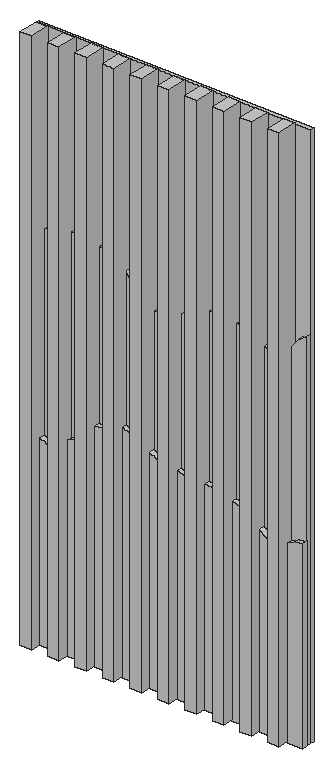
Revit family "MIRAGE_RFA", category Modelos genéricos, Revit 2022 (continued)
Forms (in)
  Extrusion 237, solid, not visible
    sketch origin (-0.00149, 0.00149, -1.20924) x (0, 1, 0) y (0, 0, -1)
      loop
        line (0.96881, 1.14538) -> (0.96881, -1.85462) -> (0.65631, -1.85462) -> (0.65631, -2.35462) -> (0.96881, -2.35462) -> (3.48948, -2.35462) -> (3.48948, -0.60462) -> (4.19814, -0.60462) -> (4.19814, -2.35462) -> (9.23948, -2.35462) -> (9.23948, -0.60462) -> (9.94814, -0.60462) -> (9.94814, -2.35462) -> (14.98948, -2.35462) -> (14.98948, -0.60462) -> (15.69814, -0.60462) -> (15.69814, -2.35462) -> (20.73948, -2.35462) -> (20.73948, -0.60462) -> (21.44814, -0.60462) -> (21.44814, -2.35462) -> (24.28131, -2.35462) -> (24.28131, -1.85462) -> (23.96881, -1.85462) -> (23.96881, 1.14538) -> (0.96881, 1.14538)
    from -4.19963 to -4.08152
  Extrusion 238, solid, not visible
    sketch origin (0, 0, 0) x (1, 0, 0) y (0, 0, 1)
      loop
        line (0.96881, 0.64538) -> (0.96881, -2.35462) -> (3.48948, -2.35462) -> (3.48948, -0.60462) -> (4.19814, -0.60462) -> (4.19814, -2.35462) -> (9.23948, -2.35462) -> (9.23948, -0.60462) -> (9.94814, -0.60462) -> (9.94814, -2.35462) -> (14.98948, -2.35462) -> (14.98948, -0.60462) -> (15.69814, -0.60462) -> (15.69814, -2.35462) -> (20.73948, -2.35462) -> (20.73948, -0.60462) -> (21.44814, -0.60462) -> (21.44814, -2.35462) -> (23.96881, -2.35462) -> (23.96881, 0.64538) -> (24.28131, 0.64538) -> (24.28131, 1.14538) -> (0.65631, 1.14538) -> (0.65631, 0.64538) -> (0.96881, 0.64538)
    from -3.60908 to -3.49097
  Extrusion 239, solid, not visible
    sketch origin (0, 0, 0) x (1, 0, 0) y (0, 0, 1)
      loop
        line (0.96881, 0.64538) -> (0.96881, -2.35462) -> (3.48948, -2.35462) -> (3.48948, -0.60462) -> (4.19814, -0.60462) -> (4.19814, -2.35462) -> (9.23948, -2.35462) -> (9.23948, -0.60462) -> (9.94814, -0.60462) -> (9.94814, -2.35462) -> (14.98948, -2.35462) -> (14.98948, -0.60462) -> (15.69814, -0.60462) -> (15.69814, -2.35462) -> (20.73948, -2.35462) -> (20.73948, -0.60462) -> (21.44814, -0.60462) -> (21.44814, -2.35462) -> (23.96881, -2.35462) -> (23.96881, 0.64538) -> (24.28131, 0.64538) -> (24.28131, 1.14538) -> (0.65631, 1.14538) -> (0.65631, 0.64538) -> (0.96881, 0.64538)
    from -4.08152 to -3.60908
  Extrusion 240, solid, not visible
    sketch origin (0, 0, 0) x (1, 0, 0) y (0, 0, 1)
      loop
        line (0.96881, 0.64538) -> (0.96881, -2.35462) -> (3.48948, -2.35462) -> (3.48948, -0.60462) -> (4.19814, -0.60462) -> (4.19814, -2.35462) -> (9.23948, -2.35462) -> (9.23948, -0.60462) -> (9.94814, -0.60462) -> (9.94814, -2.35462) -> (14.98948, -2.35462) -> (14.98948, -0.60462) -> (15.69814, -0.60462) -> (15.69814, -2.35462) -> (20.73948, -2.35462) -> (20.73948, -0.60462) -> (21.44814, -0.60462) -> (21.44814, -2.35462) -> (23.96881, -2.35462) -> (23.96881, 0.64538) -> (24.28131, 0.64538) -> (24.28131, 1.14538) -> (0.65631, 1.14538) -> (0.65631, 0.64538) -> (0.96881, 0.64538)
    from -4.19963 to -4.08152
  Extrusion 241, solid, not visible
    sketch origin (0, 0, 0) x (1, 0, 0) y (0, 0, 1)
      loop
        line (0.96881, 0.64538) -> (0.96881, -2.35462) -> (3.48948, -2.35462) -> (3.48948, -0.60462) -> (4.19814, -0.60462) -> (4.19814, -2.35462) -> (9.23948, -2.35462) -> (9.23948, -0.60462) -> (9.94814, -0.60462) -> (9.94814, -2.35462) -> (14.98948, -2.35462) -> (14.98948, -0.60462) -> (15.69814, -0.60462) -> (15.69814, -2.35462) -> (20.73948, -2.35462) -> (20.73948, -0.60462) -> (21.44814, -0.60462) -> (21.44814, -2.35462) -> (23.96881, -2.35462) -> (23.96881, 0.64538) -> (24.28131, 0.64538) -> (24.28131, 1.14538) -> (0.65631, 1.14538) -> (0.65631, 0.64538) -> (0.96881, 0.64538)
    from -9.94963 to -9.83152
  Extrusion 242, solid, not visible
    sketch origin (0, 0, 0) x (1, 0, 0) y (0, 0, 1)
      loop
        line (0.96881, 0.64538) -> (0.96881, -2.35462) -> (3.48948, -2.35462) -> (3.48948, -0.60462) -> (4.19814, -0.60462) -> (4.19814, -2.35462) -> (9.23948, -2.35462) -> (9.23948, -0.60462) -> (9.94814, -0.60462) -> (9.94814, -2.35462) -> (14.98948, -2.35462) -> (14.98948, -0.60462) -> (15.69814, -0.60462) -> (15.69814, -2.35462) -> (20.73948, -2.35462) -> (20.73948, -0.60462) -> (21.44814, -0.60462) -> (21.44814, -2.35462) -> (23.96881, -2.35462) -> (23.96881, 0.64538) -> (24.28131, 0.64538) -> (24.28131, 1.14538) -> (0.65631, 1.14538) -> (0.65631, 0.64538) -> (0.96881, 0.64538)
    from -9.35908 to -9.24097
  Extrusion 243, solid, not visible
    sketch origin (0, 0, 0) x (1, 0, 0) y (0, 0, 1)
      loop
        line (0.96881, 0.64538) -> (0.96881, -2.35462) -> (3.48948, -2.35462) -> (3.48948, -0.60462) -> (4.19814, -0.60462) -> (4.19814, -2.35462) -> (9.23948, -2.35462) -> (9.23948, -0.60462) -> (9.94814, -0.60462) -> (9.94814, -2.35462) -> (14.98948, -2.35462) -> (14.98948, -0.60462) -> (15.69814, -0.60462) -> (15.69814, -2.35462) -> (20.73948, -2.35462) -> (20.73948, -0.60462) -> (21.44814, -0.60462) -> (21.44814, -2.35462) -> (23.96881, -2.35462) -> (23.96881, 0.64538) -> (24.28131, 0.64538) -> (24.28131, 1.14538) -> (0.65631, 1.14538) -> (0.65631, 0.64538) -> (0.96881, 0.64538)
    from -9.83152 to -9.35908
  Extrusion 244, solid, not visible
    sketch origin (0, 0, 0) x (1, 0, 0) y (0, 0, 1)
      loop
        line (0.96881, 0.64538) -> (0.96881, -2.35462) -> (3.48948, -2.35462) -> (3.48948, -0.60462) -> (4.19814, -0.60462) -> (4.19814, -2.35462) -> (9.23948, -2.35462) -> (9.23948, -0.60462) -> (9.94814, -0.60462) -> (9.94814, -2.35462) -> (14.98948, -2.35462) -> (14.98948, -0.60462) -> (15.69814, -0.60462) -> (15.69814, -2.35462) -> (20.73948, -2.35462) -> (20.73948, -0.60462) -> (21.44814, -0.60462) -> (21.44814, -2.35462) -> (23.96881, -2.35462) -> (23.96881, 0.64538) -> (24.28131, 0.64538) -> (24.28131, 1.14538) -> (0.65631, 1.14538) -> (0.65631, 0.64538) -> (0.96881, 0.64538)
    from -15.69963 to -15.58152
  Extrusion 245, solid, not visible
    sketch origin (0, 0, 0) x (1, 0, 0) y (0, 0, 1)
      loop
        line (0.96881, 0.64538) -> (0.96881, -2.35462) -> (3.48948, -2.35462) -> (3.48948, -0.60462) -> (4.19814, -0.60462) -> (4.19814, -2.35462) -> (9.23948, -2.35462) -> (9.23948, -0.60462) -> (9.94814, -0.60462) -> (9.94814, -2.35462) -> (14.98948, -2.35462) -> (14.98948, -0.60462) -> (15.69814, -0.60462) -> (15.69814, -2.35462) -> (20.73948, -2.35462) -> (20.73948, -0.60462) -> (21.44814, -0.60462) -> (21.44814, -2.35462) -> (23.96881, -2.35462) -> (23.96881, 0.64538) -> (24.28131, 0.64538) -> (24.28131, 1.14538) -> (0.65631, 1.14538) -> (0.65631, 0.64538) -> (0.96881, 0.64538)
    from -15.10908 to -14.99097
  Extrusion 246, solid, not visible
    sketch origin (0, 0, 0) x (1, 0, 0) y (0, 0, 1)
      loop
        line (0.96881, 0.64538) -> (0.96881, -2.35462) -> (3.48948, -2.35462) -> (3.48948, -0.60462) -> (4.19814, -0.60462) -> (4.19814, -2.35462) -> (9.23948, -2.35462) -> (9.23948, -0.60462) -> (9.94814, -0.60462) -> (9.94814, -2.35462) -> (14.98948, -2.35462) -> (14.98948, -0.60462) -> (15.69814, -0.60462) -> (15.69814, -2.35462) -> (20.73948, -2.35462) -> (20.73948, -0.60462) -> (21.44814, -0.60462) -> (21.44814, -2.35462) -> (23.96881, -2.35462) -> (23.96881, 0.64538) -> (24.28131, 0.64538) -> (24.28131, 1.14538) -> (0.65631, 1.14538) -> (0.65631, 0.64538) -> (0.96881, 0.64538)
    from -15.58152 to -15.10908
  Extrusion 247, solid, not visible
    sketch origin (0, 0, 0) x (1, 0, 0) y (0, 0, 1)
      loop
        line (0.96881, 0.64538) -> (0.96881, -2.35462) -> (3.48948, -2.35462) -> (3.48948, -0.60462) -> (4.19814, -0.60462) -> (4.19814, -2.35462) -> (9.23948, -2.35462) -> (9.23948, -0.60462) -> (9.94814, -0.60462) -> (9.94814, -2.35462) -> (14.98948, -2.35462) -> (14.98948, -0.60462) -> (15.69814, -0.60462) -> (15.69814, -2.35462) -> (20.73948, -2.35462) -> (20.73948, -0.60462) -> (21.44814, -0.60462) -> (21.44814, -2.35462) -> (23.96881, -2.35462) -> (23.96881, 0.64538) -> (24.28131, 0.64538) -> (24.28131, 1.14538) -> (0.65631, 1.14538) -> (0.65631, 0.64538) -> (0.96881, 0.64538)
    from -21.44963 to -21.33152
  Extrusion 248, solid, not visible
    sketch origin (0, 0, 0) x (1, 0, 0) y (0, 0, 1)
      loop
        line (0.96881, 0.64538) -> (0.96881, -2.35462) -> (3.48948, -2.35462) -> (3.48948, -0.60462) -> (4.19814, -0.60462) -> (4.19814, -2.35462) -> (9.23948, -2.35462) -> (9.23948, -0.60462) -> (9.94814, -0.60462) -> (9.94814, -2.35462) -> (14.98948, -2.35462) -> (14.98948, -0.60462) -> (15.69814, -0.60462) -> (15.69814, -2.35462) -> (20.73948, -2.35462) -> (20.73948, -0.60462) -> (21.44814, -0.60462) -> (21.44814, -2.35462) -> (23.96881, -2.35462) -> (23.96881, 0.64538) -> (24.28131, 0.64538) -> (24.28131, 1.14538) -> (0.65631, 1.14538) -> (0.65631, 0.64538) -> (0.96881, 0.64538)
    from -20.85908 to -20.74097
  Extrusion 249, solid, not visible
    sketch origin (0, 0, 0) x (1, 0, 0) y (0, 0, 1)
      loop
        line (0.96881, 0.64538) -> (0.96881, -2.35462) -> (3.48948, -2.35462) -> (3.48948, -0.60462) -> (4.19814, -0.60462) -> (4.19814, -2.35462) -> (9.23948, -2.35462) -> (9.23948, -0.60462) -> (9.94814, -0.60462) -> (9.94814, -2.35462) -> (14.98948, -2.35462) -> (14.98948, -0.60462) -> (15.69814, -0.60462) -> (15.69814, -2.35462) -> (20.73948, -2.35462) -> (20.73948, -0.60462) -> (21.44814, -0.60462) -> (21.44814, -2.35462) -> (23.96881, -2.35462) -> (23.96881, 0.64538) -> (24.28131, 0.64538) -> (24.28131, 1.14538) -> (0.65631, 1.14538) -> (0.65631, 0.64538) -> (0.96881, 0.64538)
    from -21.33152 to -20.85908
  Extrusion 250, solid, not visible
    sketch origin (-0.00149, 0.00149, -1.20924) x (0, 1, 0) y (0, 0, -1)
      loop
        line (0.96881, 1.14538) -> (0.96881, -1.85462) -> (0.65631, -1.85462) -> (0.65631, -2.35462) -> (0.96881, -2.35462) -> (3.48948, -2.35462) -> (3.48948, -0.60462) -> (4.19814, -0.60462) -> (4.19814, -2.35462) -> (9.23948, -2.35462) -> (9.23948, -0.60462) -> (9.94814, -0.60462) -> (9.94814, -2.35462) -> (14.98948, -2.35462) -> (14.98948, -0.60462) -> (15.69814, -0.60462) -> (15.69814, -2.35462) -> (20.73948, -2.35462) -> (20.73948, -0.60462) -> (21.44814, -0.60462) -> (21.44814, -2.35462) -> (24.28131, -2.35462) -> (24.28131, -1.85462) -> (23.96881, -1.85462) -> (23.96881, 1.14538) -> (0.96881, 1.14538)
    from -3.60908 to -3.49097
  Extrusion 251, solid, not visible
    sketch origin (0.11662, 0.00149, -1.20924) x (0, 1, 0) y (0, 0, -1)
      loop
        line (0.96881, 1.14538) -> (0.96881, -1.85462) -> (0.65631, -1.85462) -> (0.65631, -2.35462) -> (0.96881, -2.35462) -> (3.48948, -2.35462) -> (3.48948, -0.60462) -> (4.19814, -0.60462) -> (4.19814, -2.35462) -> (9.23948, -2.35462) -> (9.23948, -0.60462) -> (9.94814, -0.60462) -> (9.94814, -2.35462) -> (14.98948, -2.35462) -> (14.98948, -0.60462) -> (15.69814, -0.60462) -> (15.69814, -2.35462) -> (20.73948, -2.35462) -> (20.73948, -0.60462) -> (21.44814, -0.60462) -> (21.44814, -2.35462) -> (24.28131, -2.35462) -> (24.28131, -1.85462) -> (23.96881, -1.85462) -> (23.96881, 1.14538) -> (0.96881, 1.14538)
    from -3.96341 to -3.49097
  Extrusion 252, solid, not visible
    sketch origin (-0.00149, 0.00149, -1.20924) x (0, 1, 0) y (0, 0, -1)
      loop
        line (0.96881, 1.14538) -> (0.96881, -1.85462) -> (0.65631, -1.85462) -> (0.65631, -2.35462) -> (0.96881, -2.35462) -> (3.48948, -2.35462) -> (3.48948, -0.60462) -> (4.19814, -0.60462) -> (4.19814, -2.35462) -> (9.23948, -2.35462) -> (9.23948, -0.60462) -> (9.94814, -0.60462) -> (9.94814, -2.35462) -> (14.98948, -2.35462) -> (14.98948, -0.60462) -> (15.69814, -0.60462) -> (15.69814, -2.35462) -> (20.73948, -2.35462) -> (20.73948, -0.60462) -> (21.44814, -0.60462) -> (21.44814, -2.35462) -> (24.28131, -2.35462) -> (24.28131, -1.85462) -> (23.96881, -1.85462) -> (23.96881, 1.14538) -> (0.96881, 1.14538)
    from -4.19963 to -4.08152
  Extrusion 253, solid, not visible
    sketch origin (5.74851, 0.00149, -1.20924) x (0, 1, 0) y (0, 0, -1)
      loop
        line (0.96881, 1.14538) -> (0.96881, -1.85462) -> (0.65631, -1.85462) -> (0.65631, -2.35462) -> (0.96881, -2.35462) -> (3.48948, -2.35462) -> (3.48948, -0.60462) -> (4.19814, -0.60462) -> (4.19814, -2.35462) -> (9.23948, -2.35462) -> (9.23948, -0.60462) -> (9.94814, -0.60462) -> (9.94814, -2.35462) -> (14.98948, -2.35462) -> (14.98948, -0.60462) -> (15.69814, -0.60462) -> (15.69814, -2.35462) -> (20.73948, -2.35462) -> (20.73948, -0.60462) -> (21.44814, -0.60462) -> (21.44814, -2.35462) -> (24.28131, -2.35462) -> (24.28131, -1.85462) -> (23.96881, -1.85462) -> (23.96881, 1.14538) -> (0.96881, 1.14538)
    from -4.19963 to -4.08152
  Extrusion 254, solid, not visible
    sketch origin (5.15796, 0.00149, -1.20924) x (0, 1, 0) y (0, 0, -1)
      loop
        line (0.96881, 1.14538) -> (0.96881, -1.85462) -> (0.65631, -1.85462) -> (0.65631, -2.35462) -> (0.96881, -2.35462) -> (3.48948, -2.35462) -> (3.48948, -0.60462) -> (4.19814, -0.60462) -> (4.19814, -2.35462) -> (9.23948, -2.35462) -> (9.23948, -0.60462) -> (9.94814, -0.60462) -> (9.94814, -2.35462) -> (14.98948, -2.35462) -> (14.98948, -0.60462) -> (15.69814, -0.60462) -> (15.69814, -2.35462) -> (20.73948, -2.35462) -> (20.73948, -0.60462) -> (21.44814, -0.60462) -> (21.44814, -2.35462) -> (24.28131, -2.35462) -> (24.28131, -1.85462) -> (23.96881, -1.85462) -> (23.96881, 1.14538) -> (0.96881, 1.14538)
    from -4.19963 to -4.08152
  Extrusion 255, solid, not visible
    sketch origin (11.49851, 0.00149, -1.20924) x (0, 1, 0) y (0, 0, -1)
      loop
        line (0.96881, 1.14538) -> (0.96881, -1.85462) -> (0.65631, -1.85462) -> (0.65631, -2.35462) -> (0.96881, -2.35462) -> (3.48948, -2.35462) -> (3.48948, -0.60462) -> (4.19814, -0.60462) -> (4.19814, -2.35462) -> (9.23948, -2.35462) -> (9.23948, -0.60462) -> (9.94814, -0.60462) -> (9.94814, -2.35462) -> (14.98948, -2.35462) -> (14.98948, -0.60462) -> (15.69814, -0.60462) -> (15.69814, -2.35462) -> (20.73948, -2.35462) -> (20.73948, -0.60462) -> (21.44814, -0.60462) -> (21.44814, -2.35462) -> (24.28131, -2.35462) -> (24.28131, -1.85462) -> (23.96881, -1.85462) -> (23.96881, 1.14538) -> (0.96881, 1.14538)
    from -4.19963 to -4.08152
  Extrusion 256, solid, not visible
    sketch origin (10.90796, 0.00149, -1.20924) x (0, 1, 0) y (0, 0, -1)
      loop
        line (0.96881, 1.14538) -> (0.96881, -1.85462) -> (0.65631, -1.85462) -> (0.65631, -2.35462) -> (0.96881, -2.35462) -> (3.48948, -2.35462) -> (3.48948, -0.60462) -> (4.19814, -0.60462) -> (4.19814, -2.35462) -> (9.23948, -2.35462) -> (9.23948, -0.60462) -> (9.94814, -0.60462) -> (9.94814, -2.35462) -> (14.98948, -2.35462) -> (14.98948, -0.60462) -> (15.69814, -0.60462) -> (15.69814, -2.35462) -> (20.73948, -2.35462) -> (20.73948, -0.60462) -> (21.44814, -0.60462) -> (21.44814, -2.35462) -> (24.28131, -2.35462) -> (24.28131, -1.85462) -> (23.96881, -1.85462) -> (23.96881, 1.14538) -> (0.96881, 1.14538)
    from -4.19963 to -4.08152
  Extrusion 257, solid, not visible
    sketch origin (16.65796, 0.00149, -1.20924) x (0, 1, 0) y (0, 0, -1)
      loop
        line (0.96881, 1.14538) -> (0.96881, -1.85462) -> (0.65631, -1.85462) -> (0.65631, -2.35462) -> (0.96881, -2.35462) -> (3.48948, -2.35462) -> (3.48948, -0.60462) -> (4.19814, -0.60462) -> (4.19814, -2.35462) -> (9.23948, -2.35462) -> (9.23948, -0.60462) -> (9.94814, -0.60462) -> (9.94814, -2.35462) -> (14.98948, -2.35462) -> (14.98948, -0.60462) -> (15.69814, -0.60462) -> (15.69814, -2.35462) -> (20.73948, -2.35462) -> (20.73948, -0.60462) -> (21.44814, -0.60462) -> (21.44814, -2.35462) -> (24.28131, -2.35462) -> (24.28131, -1.85462) -> (23.96881, -1.85462) -> (23.96881, 1.14538) -> (0.96881, 1.14538)
    from -4.19963 to -4.08152
  Extrusion 258, solid, not visible
    sketch origin (17.24851, 0.00149, -1.20924) x (0, 1, 0) y (0, 0, -1)
      loop
        line (0.96881, 1.14538) -> (0.96881, -1.85462) -> (0.65631, -1.85462) -> (0.65631, -2.35462) -> (0.96881, -2.35462) -> (3.48948, -2.35462) -> (3.48948, -0.60462) -> (4.19814, -0.60462) -> (4.19814, -2.35462) -> (9.23948, -2.35462) -> (9.23948, -0.60462) -> (9.94814, -0.60462) -> (9.94814, -2.35462) -> (14.98948, -2.35462) -> (14.98948, -0.60462) -> (15.69814, -0.60462) -> (15.69814, -2.35462) -> (20.73948, -2.35462) -> (20.73948, -0.60462) -> (21.44814, -0.60462) -> (21.44814, -2.35462) -> (24.28131, -2.35462) -> (24.28131, -1.85462) -> (23.96881, -1.85462) -> (23.96881, 1.14538) -> (0.96881, 1.14538)
    from -4.19963 to -4.08152
  Extrusion 259, solid, not visible
    sketch origin (5.86662, 0.00149, -1.20924) x (0, 1, 0) y (0, 0, -1)
      loop
        line (0.96881, 1.14538) -> (0.96881, -1.85462) -> (0.65631, -1.85462) -> (0.65631, -2.35462) -> (0.96881, -2.35462) -> (3.48948, -2.35462) -> (3.48948, -0.60462) -> (4.19814, -0.60462) -> (4.19814, -2.35462) -> (9.23948, -2.35462) -> (9.23948, -0.60462) -> (9.94814, -0.60462) -> (9.94814, -2.35462) -> (14.98948, -2.35462) -> (14.98948, -0.60462) -> (15.69814, -0.60462) -> (15.69814, -2.35462) -> (20.73948, -2.35462) -> (20.73948, -0.60462) -> (21.44814, -0.60462) -> (21.44814, -2.35462) -> (24.28131, -2.35462) -> (24.28131, -1.85462) -> (23.96881, -1.85462) -> (23.96881, 1.14538) -> (0.96881, 1.14538)
    from -3.96341 to -3.49097
  Extrusion 260, solid, not visible
    sketch origin (11.61662, 0.00149, -1.20924) x (0, 1, 0) y (0, 0, -1)
      loop
        line (0.96881, 1.14538) -> (0.96881, -1.85462) -> (0.65631, -1.85462) -> (0.65631, -2.35462) -> (0.96881, -2.35462) -> (3.48948, -2.35462) -> (3.48948, -0.60462) -> (4.19814, -0.60462) -> (4.19814, -2.35462) -> (9.23948, -2.35462) -> (9.23948, -0.60462) -> (9.94814, -0.60462) -> (9.94814, -2.35462) -> (14.98948, -2.35462) -> (14.98948, -0.60462) -> (15.69814, -0.60462) -> (15.69814, -2.35462) -> (20.73948, -2.35462) -> (20.73948, -0.60462) -> (21.44814, -0.60462) -> (21.44814, -2.35462) -> (24.28131, -2.35462) -> (24.28131, -1.85462) -> (23.96881, -1.85462) -> (23.96881, 1.14538) -> (0.96881, 1.14538)
    from -3.96341 to -3.49097
  Extrusion 261, solid, not visible
    sketch origin (17.36662, 0.00149, -1.20924) x (0, 1, 0) y (0, 0, -1)
      loop
        line (0.96881, 1.14538) -> (0.96881, -1.85462) -> (0.65631, -1.85462) -> (0.65631, -2.35462) -> (0.96881, -2.35462) -> (3.48948, -2.35462) -> (3.48948, -0.60462) -> (4.19814, -0.60462) -> (4.19814, -2.35462) -> (9.23948, -2.35462) -> (9.23948, -0.60462) -> (9.94814, -0.60462) -> (9.94814, -2.35462) -> (14.98948, -2.35462) -> (14.98948, -0.60462) -> (15.69814, -0.60462) -> (15.69814, -2.35462) -> (20.73948, -2.35462) -> (20.73948, -0.60462) -> (21.44814, -0.60462) -> (21.44814, -2.35462) -> (24.28131, -2.35462) -> (24.28131, -1.85462) -> (23.96881, -1.85462) -> (23.96881, 1.14538) -> (0.96881, 1.14538)
    from -3.96341 to -3.49097
  Extrusion 262, solid, not visible
    sketch origin (0, 0, 0) x (1, 0, 0) y (0, 0, 1)
      loop
        line (0.96881, 0.64538) -> (0.96881, -2.35462) -> (3.48948, -2.35462) -> (3.48948, -0.60462) -> (4.19814, -0.60462) -> (4.19814, -2.35462) -> (9.23948, -2.35462) -> (9.23948, -0.60462) -> (9.94814, -0.60462) -> (9.94814, -2.35462) -> (14.98948, -2.35462) -> (14.98948, -0.60462) -> (15.69814, -0.60462) -> (15.69814, -2.35462) -> (20.73948, -2.35462) -> (20.73948, -0.60462) -> (21.44814, -0.60462) -> (21.44814, -2.35462) -> (23.96881, -2.35462) -> (23.96881, 0.64538) -> (24.28131, 0.64538) -> (24.28131, 1.14538) -> (0.65631, 1.14538) -> (0.65631, 0.64538) -> (0.96881, 0.64538)
    from -3.60908 to -3.49097
  Extrusion 263, solid, not visible
    sketch origin (0, 0, 0) x (1, 0, 0) y (0, 0, 1)
      loop
        line (0.96881, 0.64538) -> (0.96881, -2.35462) -> (3.48948, -2.35462) -> (3.48948, -0.60462) -> (4.19814, -0.60462) -> (4.19814, -2.35462) -> (9.23948, -2.35462) -> (9.23948, -0.60462) -> (9.94814, -0.60462) -> (9.94814, -2.35462) -> (14.98948, -2.35462) -> (14.98948, -0.60462) -> (15.69814, -0.60462) -> (15.69814, -2.35462) -> (20.73948, -2.35462) -> (20.73948, -0.60462) -> (21.44814, -0.60462) -> (21.44814, -2.35462) -> (23.96881, -2.35462) -> (23.96881, 0.64538) -> (24.28131, 0.64538) -> (24.28131, 1.14538) -> (0.65631, 1.14538) -> (0.65631, 0.64538) -> (0.96881, 0.64538)
    from -4.08152 to -3.60908
  Extrusion 264, solid, not visible
    sketch origin (0, 0, 0) x (1, 0, 0) y (0, 0, 1)
      loop
        line (0.96881, 0.64538) -> (0.96881, -2.35462) -> (3.48948, -2.35462) -> (3.48948, -0.60462) -> (4.19814, -0.60462) -> (4.19814, -2.35462) -> (9.23948, -2.35462) -> (9.23948, -0.60462) -> (9.94814, -0.60462) -> (9.94814, -2.35462) -> (14.98948, -2.35462) -> (14.98948, -0.60462) -> (15.69814, -0.60462) -> (15.69814, -2.35462) -> (20.73948, -2.35462) -> (20.73948, -0.60462) -> (21.44814, -0.60462) -> (21.44814, -2.35462) -> (23.96881, -2.35462) -> (23.96881, 0.64538) -> (24.28131, 0.64538) -> (24.28131, 1.14538) -> (0.65631, 1.14538) -> (0.65631, 0.64538) -> (0.96881, 0.64538)
    from -4.19963 to -4.08152
  Extrusion 265, solid, not visible
    sketch origin (-0.00149, 0.00149, -1.20924) x (0, 1, 0) y (0, 0, -1)
      loop
        line (0.96881, 1.14538) -> (0.96881, -1.85462) -> (0.65631, -1.85462) -> (0.65631, -2.35462) -> (0.96881, -2.35462) -> (3.48948, -2.35462) -> (3.48948, -0.60462) -> (4.19814, -0.60462) -> (4.19814, -2.35462) -> (9.23948, -2.35462) -> (9.23948, -0.60462) -> (9.94814, -0.60462) -> (9.94814, -2.35462) -> (14.98948, -2.35462) -> (14.98948, -0.60462) -> (15.69814, -0.60462) -> (15.69814, -2.35462) -> (20.73948, -2.35462) -> (20.73948, -0.60462) -> (21.44814, -0.60462) -> (21.44814, -2.35462) -> (24.28131, -2.35462) -> (24.28131, -1.85462) -> (23.96881, -1.85462) -> (23.96881, 1.14538) -> (0.96881, 1.14538)
    from -3.60908 to -3.49097
  Extrusion 266, solid, not visible
    sketch origin (0.11662, 0.00149, -1.20924) x (0, 1, 0) y (0, 0, -1)
      loop
        line (0.96881, 1.14538) -> (0.96881, -1.85462) -> (0.65631, -1.85462) -> (0.65631, -2.35462) -> (0.96881, -2.35462) -> (3.48948, -2.35462) -> (3.48948, -0.60462) -> (4.19814, -0.60462) -> (4.19814, -2.35462) -> (9.23948, -2.35462) -> (9.23948, -0.60462) -> (9.94814, -0.60462) -> (9.94814, -2.35462) -> (14.98948, -2.35462) -> (14.98948, -0.60462) -> (15.69814, -0.60462) -> (15.69814, -2.35462) -> (20.73948, -2.35462) -> (20.73948, -0.60462) -> (21.44814, -0.60462) -> (21.44814, -2.35462) -> (24.28131, -2.35462) -> (24.28131, -1.85462) -> (23.96881, -1.85462) -> (23.96881, 1.14538) -> (0.96881, 1.14538)
    from -3.96341 to -3.49097
  Extrusion 267, solid, not visible
    sketch origin (-0.00149, 0.00149, -1.20924) x (0, 1, 0) y (0, 0, -1)
      loop
        line (0.96881, 1.14538) -> (0.96881, -1.85462) -> (0.65631, -1.85462) -> (0.65631, -2.35462) -> (0.96881, -2.35462) -> (3.48948, -2.35462) -> (3.48948, -0.60462) -> (4.19814, -0.60462) -> (4.19814, -2.35462) -> (9.23948, -2.35462) -> (9.23948, -0.60462) -> (9.94814, -0.60462) -> (9.94814, -2.35462) -> (14.98948, -2.35462) -> (14.98948, -0.60462) -> (15.69814, -0.60462) -> (15.69814, -2.35462) -> (20.73948, -2.35462) -> (20.73948, -0.60462) -> (21.44814, -0.60462) -> (21.44814, -2.35462) -> (24.28131, -2.35462) -> (24.28131, -1.85462) -> (23.96881, -1.85462) -> (23.96881, 1.14538) -> (0.96881, 1.14538)
    from -4.19963 to -4.08152
  Extrusion 268, solid, not visible
    sketch origin (0, 0, 0) x (1, 0, 0) y (0, 0, 1)
      loop
        line (0.96881, 0.64538) -> (0.96881, -2.35462) -> (3.48948, -2.35462) -> (3.48948, -0.60462) -> (4.19814, -0.60462) -> (4.19814, -2.35462) -> (9.23948, -2.35462) -> (9.23948, -0.60462) -> (9.94814, -0.60462) -> (9.94814, -2.35462) -> (14.98948, -2.35462) -> (14.98948, -0.60462) -> (15.69814, -0.60462) -> (15.69814, -2.35462) -> (20.73948, -2.35462) -> (20.73948, -0.60462) -> (21.44814, -0.60462) -> (21.44814, -2.35462) -> (23.96881, -2.35462) -> (23.96881, 0.64538) -> (24.28131, 0.64538) -> (24.28131, 1.14538) -> (0.65631, 1.14538) -> (0.65631, 0.64538) -> (0.96881, 0.64538)
    from -9.94963 to -9.83152
  Extrusion 269, solid, not visible
    sketch origin (0, 0, 0) x (1, 0, 0) y (0, 0, 1)
      loop
        line (0.96881, 0.64538) -> (0.96881, -2.35462) -> (3.48948, -2.35462) -> (3.48948, -0.60462) -> (4.19814, -0.60462) -> (4.19814, -2.35462) -> (9.23948, -2.35462) -> (9.23948, -0.60462) -> (9.94814, -0.60462) -> (9.94814, -2.35462) -> (14.98948, -2.35462) -> (14.98948, -0.60462) -> (15.69814, -0.60462) -> (15.69814, -2.35462) -> (20.73948, -2.35462) -> (20.73948, -0.60462) -> (21.44814, -0.60462) -> (21.44814, -2.35462) -> (23.96881, -2.35462) -> (23.96881, 0.64538) -> (24.28131, 0.64538) -> (24.28131, 1.14538) -> (0.65631, 1.14538) -> (0.65631, 0.64538) -> (0.96881, 0.64538)
    from -9.35908 to -9.24097
  Extrusion 270, solid, not visible
    sketch origin (0, 0, 0) x (1, 0, 0) y (0, 0, 1)
      loop
        line (0.96881, 0.64538) -> (0.96881, -2.35462) -> (3.48948, -2.35462) -> (3.48948, -0.60462) -> (4.19814, -0.60462) -> (4.19814, -2.35462) -> (9.23948, -2.35462) -> (9.23948, -0.60462) -> (9.94814, -0.60462) -> (9.94814, -2.35462) -> (14.98948, -2.35462) -> (14.98948, -0.60462) -> (15.69814, -0.60462) -> (15.69814, -2.35462) -> (20.73948, -2.35462) -> (20.73948, -0.60462) -> (21.44814, -0.60462) -> (21.44814, -2.35462) -> (23.96881, -2.35462) -> (23.96881, 0.64538) -> (24.28131, 0.64538) -> (24.28131, 1.14538) -> (0.65631, 1.14538) -> (0.65631, 0.64538) -> (0.96881, 0.64538)
    from -9.83152 to -9.35908
  Extrusion 271, solid, not visible
    sketch origin (0, 0, 0) x (1, 0, 0) y (0, 0, 1)
      loop
        line (0.96881, 0.64538) -> (0.96881, -2.35462) -> (3.48948, -2.35462) -> (3.48948, -0.60462) -> (4.19814, -0.60462) -> (4.19814, -2.35462) -> (9.23948, -2.35462) -> (9.23948, -0.60462) -> (9.94814, -0.60462) -> (9.94814, -2.35462) -> (14.98948, -2.35462) -> (14.98948, -0.60462) -> (15.69814, -0.60462) -> (15.69814, -2.35462) -> (20.73948, -2.35462) -> (20.73948, -0.60462) -> (21.44814, -0.60462) -> (21.44814, -2.35462) -> (23.96881, -2.35462) -> (23.96881, 0.64538) -> (24.28131, 0.64538) -> (24.28131, 1.14538) -> (0.65631, 1.14538) -> (0.65631, 0.64538) -> (0.96881, 0.64538)
    from -15.69963 to -15.58152
  Extrusion 272, solid, not visible
    sketch origin (0, 0, 0) x (1, 0, 0) y (0, 0, 1)
      loop
        line (0.96881, 0.64538) -> (0.96881, -2.35462) -> (3.48948, -2.35462) -> (3.48948, -0.60462) -> (4.19814, -0.60462) -> (4.19814, -2.35462) -> (9.23948, -2.35462) -> (9.23948, -0.60462) -> (9.94814, -0.60462) -> (9.94814, -2.35462) -> (14.98948, -2.35462) -> (14.98948, -0.60462) -> (15.69814, -0.60462) -> (15.69814, -2.35462) -> (20.73948, -2.35462) -> (20.73948, -0.60462) -> (21.44814, -0.60462) -> (21.44814, -2.35462) -> (23.96881, -2.35462) -> (23.96881, 0.64538) -> (24.28131, 0.64538) -> (24.28131, 1.14538) -> (0.65631, 1.14538) -> (0.65631, 0.64538) -> (0.96881, 0.64538)
    from -15.10908 to -14.99097
  Extrusion 273, solid, not visible
    sketch origin (0, 0, 0) x (1, 0, 0) y (0, 0, 1)
      loop
        line (0.96881, 0.64538) -> (0.96881, -2.35462) -> (3.48948, -2.35462) -> (3.48948, -0.60462) -> (4.19814, -0.60462) -> (4.19814, -2.35462) -> (9.23948, -2.35462) -> (9.23948, -0.60462) -> (9.94814, -0.60462) -> (9.94814, -2.35462) -> (14.98948, -2.35462) -> (14.98948, -0.60462) -> (15.69814, -0.60462) -> (15.69814, -2.35462) -> (20.73948, -2.35462) -> (20.73948, -0.60462) -> (21.44814, -0.60462) -> (21.44814, -2.35462) -> (23.96881, -2.35462) -> (23.96881, 0.64538) -> (24.28131, 0.64538) -> (24.28131, 1.14538) -> (0.65631, 1.14538) -> (0.65631, 0.64538) -> (0.96881, 0.64538)
    from -15.58152 to -15.10908
  Extrusion 274, solid, not visible
    sketch origin (0, 0, 0) x (1, 0, 0) y (0, 0, 1)
      loop
        line (0.96881, 0.64538) -> (0.96881, -2.35462) -> (3.48948, -2.35462) -> (3.48948, -0.60462) -> (4.19814, -0.60462) -> (4.19814, -2.35462) -> (9.23948, -2.35462) -> (9.23948, -0.60462) -> (9.94814, -0.60462) -> (9.94814, -2.35462) -> (14.98948, -2.35462) -> (14.98948, -0.60462) -> (15.69814, -0.60462) -> (15.69814, -2.35462) -> (20.73948, -2.35462) -> (20.73948, -0.60462) -> (21.44814, -0.60462) -> (21.44814, -2.35462) -> (23.96881, -2.35462) -> (23.96881, 0.64538) -> (24.28131, 0.64538) -> (24.28131, 1.14538) -> (0.65631, 1.14538) -> (0.65631, 0.64538) -> (0.96881, 0.64538)
    from -21.44963 to -21.33152
  Extrusion 275, solid, not visible
    sketch origin (0, 0, 0) x (1, 0, 0) y (0, 0, 1)
      loop
        line (0.96881, 0.64538) -> (0.96881, -2.35462) -> (3.48948, -2.35462) -> (3.48948, -0.60462) -> (4.19814, -0.60462) -> (4.19814, -2.35462) -> (9.23948, -2.35462) -> (9.23948, -0.60462) -> (9.94814, -0.60462) -> (9.94814, -2.35462) -> (14.98948, -2.35462) -> (14.98948, -0.60462) -> (15.69814, -0.60462) -> (15.69814, -2.35462) -> (20.73948, -2.35462) -> (20.73948, -0.60462) -> (21.44814, -0.60462) -> (21.44814, -2.35462) -> (23.96881, -2.35462) -> (23.96881, 0.64538) -> (24.28131, 0.64538) -> (24.28131, 1.14538) -> (0.65631, 1.14538) -> (0.65631, 0.64538) -> (0.96881, 0.64538)
    from -20.85908 to -20.74097
  Extrusion 276, solid, not visible
    sketch origin (0, 0, 0) x (1, 0, 0) y (0, 0, 1)
      loop
        line (0.96881, 0.64538) -> (0.96881, -2.35462) -> (3.48948, -2.35462) -> (3.48948, -0.60462) -> (4.19814, -0.60462) -> (4.19814, -2.35462) -> (9.23948, -2.35462) -> (9.23948, -0.60462) -> (9.94814, -0.60462) -> (9.94814, -2.35462) -> (14.98948, -2.35462) -> (14.98948, -0.60462) -> (15.69814, -0.60462) -> (15.69814, -2.35462) -> (20.73948, -2.35462) -> (20.73948, -0.60462) -> (21.44814, -0.60462) -> (21.44814, -2.35462) -> (23.96881, -2.35462) -> (23.96881, 0.64538) -> (24.28131, 0.64538) -> (24.28131, 1.14538) -> (0.65631, 1.14538) -> (0.65631, 0.64538) -> (0.96881, 0.64538)
    from -21.33152 to -20.85908
  Extrusion 277, solid, not visible
    sketch origin (5.74851, 0.00149, -1.20924) x (0, 1, 0) y (0, 0, -1)
      loop
        line (0.96881, 1.14538) -> (0.96881, -1.85462) -> (0.65631, -1.85462) -> (0.65631, -2.35462) -> (0.96881, -2.35462) -> (3.48948, -2.35462) -> (3.48948, -0.60462) -> (4.19814, -0.60462) -> (4.19814, -2.35462) -> (9.23948, -2.35462) -> (9.23948, -0.60462) -> (9.94814, -0.60462) -> (9.94814, -2.35462) -> (14.98948, -2.35462) -> (14.98948, -0.60462) -> (15.69814, -0.60462) -> (15.69814, -2.35462) -> (20.73948, -2.35462) -> (20.73948, -0.60462) -> (21.44814, -0.60462) -> (21.44814, -2.35462) -> (24.28131, -2.35462) -> (24.28131, -1.85462) -> (23.96881, -1.85462) -> (23.96881, 1.14538) -> (0.96881, 1.14538)
    from -4.19963 to -4.08152
  Extrusion 278, solid, not visible
    sketch origin (5.15796, 0.00149, -1.20924) x (0, 1, 0) y (0, 0, -1)
      loop
        line (0.96881, 1.14538) -> (0.96881, -1.85462) -> (0.65631, -1.85462) -> (0.65631, -2.35462) -> (0.96881, -2.35462) -> (3.48948, -2.35462) -> (3.48948, -0.60462) -> (4.19814, -0.60462) -> (4.19814, -2.35462) -> (9.23948, -2.35462) -> (9.23948, -0.60462) -> (9.94814, -0.60462) -> (9.94814, -2.35462) -> (14.98948, -2.35462) -> (14.98948, -0.60462) -> (15.69814, -0.60462) -> (15.69814, -2.35462) -> (20.73948, -2.35462) -> (20.73948, -0.60462) -> (21.44814, -0.60462) -> (21.44814, -2.35462) -> (24.28131, -2.35462) -> (24.28131, -1.85462) -> (23.96881, -1.85462) -> (23.96881, 1.14538) -> (0.96881, 1.14538)
    from -4.19963 to -4.08152
  Extrusion 279, solid, not visible
    sketch origin (11.49851, 0.00149, -1.20924) x (0, 1, 0) y (0, 0, -1)
      loop
        line (0.96881, 1.14538) -> (0.96881, -1.85462) -> (0.65631, -1.85462) -> (0.65631, -2.35462) -> (0.96881, -2.35462) -> (3.48948, -2.35462) -> (3.48948, -0.60462) -> (4.19814, -0.60462) -> (4.19814, -2.35462) -> (9.23948, -2.35462) -> (9.23948, -0.60462) -> (9.94814, -0.60462) -> (9.94814, -2.35462) -> (14.98948, -2.35462) -> (14.98948, -0.60462) -> (15.69814, -0.60462) -> (15.69814, -2.35462) -> (20.73948, -2.35462) -> (20.73948, -0.60462) -> (21.44814, -0.60462) -> (21.44814, -2.35462) -> (24.28131, -2.35462) -> (24.28131, -1.85462) -> (23.96881, -1.85462) -> (23.96881, 1.14538) -> (0.96881, 1.14538)
    from -4.19963 to -4.08152
  Extrusion 280, solid, not visible
    sketch origin (10.90796, 0.00149, -1.20924) x (0, 1, 0) y (0, 0, -1)
      loop
        line (0.96881, 1.14538) -> (0.96881, -1.85462) -> (0.65631, -1.85462) -> (0.65631, -2.35462) -> (0.96881, -2.35462) -> (3.48948, -2.35462) -> (3.48948, -0.60462) -> (4.19814, -0.60462) -> (4.19814, -2.35462) -> (9.23948, -2.35462) -> (9.23948, -0.60462) -> (9.94814, -0.60462) -> (9.94814, -2.35462) -> (14.98948, -2.35462) -> (14.98948, -0.60462) -> (15.69814, -0.60462) -> (15.69814, -2.35462) -> (20.73948, -2.35462) -> (20.73948, -0.60462) -> (21.44814, -0.60462) -> (21.44814, -2.35462) -> (24.28131, -2.35462) -> (24.28131, -1.85462) -> (23.96881, -1.85462) -> (23.96881, 1.14538) -> (0.96881, 1.14538)
    from -4.19963 to -4.08152
  Extrusion 281, solid, not visible
    sketch origin (16.65796, 0.00149, -1.20924) x (0, 1, 0) y (0, 0, -1)
      loop
        line (0.96881, 1.14538) -> (0.96881, -1.85462) -> (0.65631, -1.85462) -> (0.65631, -2.35462) -> (0.96881, -2.35462) -> (3.48948, -2.35462) -> (3.48948, -0.60462) -> (4.19814, -0.60462) -> (4.19814, -2.35462) -> (9.23948, -2.35462) -> (9.23948, -0.60462) -> (9.94814, -0.60462) -> (9.94814, -2.35462) -> (14.98948, -2.35462) -> (14.98948, -0.60462) -> (15.69814, -0.60462) -> (15.69814, -2.35462) -> (20.73948, -2.35462) -> (20.73948, -0.60462) -> (21.44814, -0.60462) -> (21.44814, -2.35462) -> (24.28131, -2.35462) -> (24.28131, -1.85462) -> (23.96881, -1.85462) -> (23.96881, 1.14538) -> (0.96881, 1.14538)
    from -4.19963 to -4.08152
  Extrusion 282, solid, not visible
    sketch origin (17.24851, 0.00149, -1.20924) x (0, 1, 0) y (0, 0, -1)
      loop
        line (0.96881, 1.14538) -> (0.96881, -1.85462) -> (0.65631, -1.85462) -> (0.65631, -2.35462) -> (0.96881, -2.35462) -> (3.48948, -2.35462) -> (3.48948, -0.60462) -> (4.19814, -0.60462) -> (4.19814, -2.35462) -> (9.23948, -2.35462) -> (9.23948, -0.60462) -> (9.94814, -0.60462) -> (9.94814, -2.35462) -> (14.98948, -2.35462) -> (14.98948, -0.60462) -> (15.69814, -0.60462) -> (15.69814, -2.35462) -> (20.73948, -2.35462) -> (20.73948, -0.60462) -> (21.44814, -0.60462) -> (21.44814, -2.35462) -> (24.28131, -2.35462) -> (24.28131, -1.85462) -> (23.96881, -1.85462) -> (23.96881, 1.14538) -> (0.96881, 1.14538)
    from -4.19963 to -4.08152
  Extrusion 283, solid, not visible
    sketch origin (5.86662, 0.00149, -1.20924) x (0, 1, 0) y (0, 0, -1)
      loop
        line (0.96881, 1.14538) -> (0.96881, -1.85462) -> (0.65631, -1.85462) -> (0.65631, -2.35462) -> (0.96881, -2.35462) -> (3.48948, -2.35462) -> (3.48948, -0.60462) -> (4.19814, -0.60462) -> (4.19814, -2.35462) -> (9.23948, -2.35462) -> (9.23948, -0.60462) -> (9.94814, -0.60462) -> (9.94814, -2.35462) -> (14.98948, -2.35462) -> (14.98948, -0.60462) -> (15.69814, -0.60462) -> (15.69814, -2.35462) -> (20.73948, -2.35462) -> (20.73948, -0.60462) -> (21.44814, -0.60462) -> (21.44814, -2.35462) -> (24.28131, -2.35462) -> (24.28131, -1.85462) -> (23.96881, -1.85462) -> (23.96881, 1.14538) -> (0.96881, 1.14538)
    from -3.96341 to -3.49097
  Extrusion 284, solid, not visible
    sketch origin (11.61662, 0.00149, -1.20924) x (0, 1, 0) y (0, 0, -1)
      loop
        line (0.96881, 1.14538) -> (0.96881, -1.85462) -> (0.65631, -1.85462) -> (0.65631, -2.35462) -> (0.96881, -2.35462) -> (3.48948, -2.35462) -> (3.48948, -0.60462) -> (4.19814, -0.60462) -> (4.19814, -2.35462) -> (9.23948, -2.35462) -> (9.23948, -0.60462) -> (9.94814, -0.60462) -> (9.94814, -2.35462) -> (14.98948, -2.35462) -> (14.98948, -0.60462) -> (15.69814, -0.60462) -> (15.69814, -2.35462) -> (20.73948, -2.35462) -> (20.73948, -0.60462) -> (21.44814, -0.60462) -> (21.44814, -2.35462) -> (24.28131, -2.35462) -> (24.28131, -1.85462) -> (23.96881, -1.85462) -> (23.96881, 1.14538) -> (0.96881, 1.14538)
    from -3.96341 to -3.49097
  Extrusion 285, solid, not visible
    sketch origin (17.36662, 0.00149, -1.20924) x (0, 1, 0) y (0, 0, -1)
      loop
        line (0.96881, 1.14538) -> (0.96881, -1.85462) -> (0.65631, -1.85462) -> (0.65631, -2.35462) -> (0.96881, -2.35462) -> (3.48948, -2.35462) -> (3.48948, -0.60462) -> (4.19814, -0.60462) -> (4.19814, -2.35462) -> (9.23948, -2.35462) -> (9.23948, -0.60462) -> (9.94814, -0.60462) -> (9.94814, -2.35462) -> (14.98948, -2.35462) -> (14.98948, -0.60462) -> (15.69814, -0.60462) -> (15.69814, -2.35462) -> (20.73948, -2.35462) -> (20.73948, -0.60462) -> (21.44814, -0.60462) -> (21.44814, -2.35462) -> (24.28131, -2.35462) -> (24.28131, -1.85462) -> (23.96881, -1.85462) -> (23.96881, 1.14538) -> (0.96881, 1.14538)
    from -3.96341 to -3.49097
  Extrusion 286, solid, not visible
    sketch origin (-44, 0, 0) x (1, 0, 0) y (0, 0, 1)
      loop
        line (0.96881, 0.64538) -> (0.96881, -2.35462) -> (3.48948, -2.35462) -> (3.48948, -0.60462) -> (4.19814, -0.60462) -> (4.19814, -2.35462) -> (9.23948, -2.35462) -> (9.23948, -0.60462) -> (9.94814, -0.60462) -> (9.94814, -2.35462) -> (14.98948, -2.35462) -> (14.98948, -0.60462) -> (15.69814, -0.60462) -> (15.69814, -2.35462) -> (20.73948, -2.35462) -> (20.73948, -0.60462) -> (21.44814, -0.60462) -> (21.44814, -2.35462) -> (23.96881, -2.35462) -> (23.96881, 0.64538) -> (24.28131, 0.64538) -> (24.28131, 1.14538) -> (0.65631, 1.14538) -> (0.65631, 0.64538) -> (0.96881, 0.64538)
    from -3.60908 to -3.49097
  Extrusion 287, solid, not visible
    sketch origin (-44, 0, 0) x (1, 0, 0) y (0, 0, 1)
      loop
        line (0.96881, 0.64538) -> (0.96881, -2.35462) -> (3.48948, -2.35462) -> (3.48948, -0.60462) -> (4.19814, -0.60462) -> (4.19814, -2.35462) -> (9.23948, -2.35462) -> (9.23948, -0.60462) -> (9.94814, -0.60462) -> (9.94814, -2.35462) -> (14.98948, -2.35462) -> (14.98948, -0.60462) -> (15.69814, -0.60462) -> (15.69814, -2.35462) -> (20.73948, -2.35462) -> (20.73948, -0.60462) -> (21.44814, -0.60462) -> (21.44814, -2.35462) -> (23.96881, -2.35462) -> (23.96881, 0.64538) -> (24.28131, 0.64538) -> (24.28131, 1.14538) -> (0.65631, 1.14538) -> (0.65631, 0.64538) -> (0.96881, 0.64538)
    from -4.08152 to -3.60908
  Extrusion 288, solid, not visible
    sketch origin (-44, 0, 0) x (1, 0, 0) y (0, 0, 1)
      loop
        line (0.96881, 0.64538) -> (0.96881, -2.35462) -> (3.48948, -2.35462) -> (3.48948, -0.60462) -> (4.19814, -0.60462) -> (4.19814, -2.35462) -> (9.23948, -2.35462) -> (9.23948, -0.60462) -> (9.94814, -0.60462) -> (9.94814, -2.35462) -> (14.98948, -2.35462) -> (14.98948, -0.60462) -> (15.69814, -0.60462) -> (15.69814, -2.35462) -> (20.73948, -2.35462) -> (20.73948, -0.60462) -> (21.44814, -0.60462) -> (21.44814, -2.35462) -> (23.96881, -2.35462) -> (23.96881, 0.64538) -> (24.28131, 0.64538) -> (24.28131, 1.14538) -> (0.65631, 1.14538) -> (0.65631, 0.64538) -> (0.96881, 0.64538)
    from -4.19963 to -4.08152
  Extrusion 289, solid, not visible
    sketch origin (-44, 0, 0) x (1, 0, 0) y (0, 0, 1)
      loop
        line (0.96881, 0.64538) -> (0.96881, -2.35462) -> (3.48948, -2.35462) -> (3.48948, -0.60462) -> (4.19814, -0.60462) -> (4.19814, -2.35462) -> (9.23948, -2.35462) -> (9.23948, -0.60462) -> (9.94814, -0.60462) -> (9.94814, -2.35462) -> (14.98948, -2.35462) -> (14.98948, -0.60462) -> (15.69814, -0.60462) -> (15.69814, -2.35462) -> (20.73948, -2.35462) -> (20.73948, -0.60462) -> (21.44814, -0.60462) -> (21.44814, -2.35462) -> (23.96881, -2.35462) -> (23.96881, 0.64538) -> (24.28131, 0.64538) -> (24.28131, 1.14538) -> (0.65631, 1.14538) -> (0.65631, 0.64538) -> (0.96881, 0.64538)
    from -9.94963 to -9.83152
  Extrusion 290, solid, not visible
    sketch origin (-44, 0, 0) x (1, 0, 0) y (0, 0, 1)
      loop
        line (0.96881, 0.64538) -> (0.96881, -2.35462) -> (3.48948, -2.35462) -> (3.48948, -0.60462) -> (4.19814, -0.60462) -> (4.19814, -2.35462) -> (9.23948, -2.35462) -> (9.23948, -0.60462) -> (9.94814, -0.60462) -> (9.94814, -2.35462) -> (14.98948, -2.35462) -> (14.98948, -0.60462) -> (15.69814, -0.60462) -> (15.69814, -2.35462) -> (20.73948, -2.35462) -> (20.73948, -0.60462) -> (21.44814, -0.60462) -> (21.44814, -2.35462) -> (23.96881, -2.35462) -> (23.96881, 0.64538) -> (24.28131, 0.64538) -> (24.28131, 1.14538) -> (0.65631, 1.14538) -> (0.65631, 0.64538) -> (0.96881, 0.64538)
    from -9.35908 to -9.24097
  Extrusion 291, solid, not visible
    sketch origin (-44, 0, 0) x (1, 0, 0) y (0, 0, 1)
      loop
        line (0.96881, 0.64538) -> (0.96881, -2.35462) -> (3.48948, -2.35462) -> (3.48948, -0.60462) -> (4.19814, -0.60462) -> (4.19814, -2.35462) -> (9.23948, -2.35462) -> (9.23948, -0.60462) -> (9.94814, -0.60462) -> (9.94814, -2.35462) -> (14.98948, -2.35462) -> (14.98948, -0.60462) -> (15.69814, -0.60462) -> (15.69814, -2.35462) -> (20.73948, -2.35462) -> (20.73948, -0.60462) -> (21.44814, -0.60462) -> (21.44814, -2.35462) -> (23.96881, -2.35462) -> (23.96881, 0.64538) -> (24.28131, 0.64538) -> (24.28131, 1.14538) -> (0.65631, 1.14538) -> (0.65631, 0.64538) -> (0.96881, 0.64538)
    from -9.83152 to -9.35908
  Extrusion 292, solid, not visible
    sketch origin (-44, 0, 0) x (1, 0, 0) y (0, 0, 1)
      loop
        line (0.96881, 0.64538) -> (0.96881, -2.35462) -> (3.48948, -2.35462) -> (3.48948, -0.60462) -> (4.19814, -0.60462) -> (4.19814, -2.35462) -> (9.23948, -2.35462) -> (9.23948, -0.60462) -> (9.94814, -0.60462) -> (9.94814, -2.35462) -> (14.98948, -2.35462) -> (14.98948, -0.60462) -> (15.69814, -0.60462) -> (15.69814, -2.35462) -> (20.73948, -2.35462) -> (20.73948, -0.60462) -> (21.44814, -0.60462) -> (21.44814, -2.35462) -> (23.96881, -2.35462) -> (23.96881, 0.64538) -> (24.28131, 0.64538) -> (24.28131, 1.14538) -> (0.65631, 1.14538) -> (0.65631, 0.64538) -> (0.96881, 0.64538)
    from -15.69963 to -15.58152
  Extrusion 293, solid, not visible
    sketch origin (-44, 0, 0) x (1, 0, 0) y (0, 0, 1)
      loop
        line (0.96881, 0.64538) -> (0.96881, -2.35462) -> (3.48948, -2.35462) -> (3.48948, -0.60462) -> (4.19814, -0.60462) -> (4.19814, -2.35462) -> (9.23948, -2.35462) -> (9.23948, -0.60462) -> (9.94814, -0.60462) -> (9.94814, -2.35462) -> (14.98948, -2.35462) -> (14.98948, -0.60462) -> (15.69814, -0.60462) -> (15.69814, -2.35462) -> (20.73948, -2.35462) -> (20.73948, -0.60462) -> (21.44814, -0.60462) -> (21.44814, -2.35462) -> (23.96881, -2.35462) -> (23.96881, 0.64538) -> (24.28131, 0.64538) -> (24.28131, 1.14538) -> (0.65631, 1.14538) -> (0.65631, 0.64538) -> (0.96881, 0.64538)
    from -15.10908 to -14.99097
  Extrusion 294, solid, not visible
    sketch origin (-44, 0, 0) x (1, 0, 0) y (0, 0, 1)
      loop
        line (0.96881, 0.64538) -> (0.96881, -2.35462) -> (3.48948, -2.35462) -> (3.48948, -0.60462) -> (4.19814, -0.60462) -> (4.19814, -2.35462) -> (9.23948, -2.35462) -> (9.23948, -0.60462) -> (9.94814, -0.60462) -> (9.94814, -2.35462) -> (14.98948, -2.35462) -> (14.98948, -0.60462) -> (15.69814, -0.60462) -> (15.69814, -2.35462) -> (20.73948, -2.35462) -> (20.73948, -0.60462) -> (21.44814, -0.60462) -> (21.44814, -2.35462) -> (23.96881, -2.35462) -> (23.96881, 0.64538) -> (24.28131, 0.64538) -> (24.28131, 1.14538) -> (0.65631, 1.14538) -> (0.65631, 0.64538) -> (0.96881, 0.64538)
    from -15.58152 to -15.10908
  Extrusion 295, solid, not visible
    sketch origin (-44, 0, 0) x (1, 0, 0) y (0, 0, 1)
      loop
        line (0.96881, 0.64538) -> (0.96881, -2.35462) -> (3.48948, -2.35462) -> (3.48948, -0.60462) -> (4.19814, -0.60462) -> (4.19814, -2.35462) -> (9.23948, -2.35462) -> (9.23948, -0.60462) -> (9.94814, -0.60462) -> (9.94814, -2.35462) -> (14.98948, -2.35462) -> (14.98948, -0.60462) -> (15.69814, -0.60462) -> (15.69814, -2.35462) -> (20.73948, -2.35462) -> (20.73948, -0.60462) -> (21.44814, -0.60462) -> (21.44814, -2.35462) -> (23.96881, -2.35462) -> (23.96881, 0.64538) -> (24.28131, 0.64538) -> (24.28131, 1.14538) -> (0.65631, 1.14538) -> (0.65631, 0.64538) -> (0.96881, 0.64538)
    from -21.44963 to -21.33152
  Extrusion 296, solid, not visible
    sketch origin (-44, 0, 0) x (1, 0, 0) y (0, 0, 1)
      loop
        line (0.96881, 0.64538) -> (0.96881, -2.35462) -> (3.48948, -2.35462) -> (3.48948, -0.60462) -> (4.19814, -0.60462) -> (4.19814, -2.35462) -> (9.23948, -2.35462) -> (9.23948, -0.60462) -> (9.94814, -0.60462) -> (9.94814, -2.35462) -> (14.98948, -2.35462) -> (14.98948, -0.60462) -> (15.69814, -0.60462) -> (15.69814, -2.35462) -> (20.73948, -2.35462) -> (20.73948, -0.60462) -> (21.44814, -0.60462) -> (21.44814, -2.35462) -> (23.96881, -2.35462) -> (23.96881, 0.64538) -> (24.28131, 0.64538) -> (24.28131, 1.14538) -> (0.65631, 1.14538) -> (0.65631, 0.64538) -> (0.96881, 0.64538)
    from -20.85908 to -20.74097
  Extrusion 297, solid, not visible
    sketch origin (-44, 0, 0) x (1, 0, 0) y (0, 0, 1)
      loop
        line (0.96881, 0.64538) -> (0.96881, -2.35462) -> (3.48948, -2.35462) -> (3.48948, -0.60462) -> (4.19814, -0.60462) -> (4.19814, -2.35462) -> (9.23948, -2.35462) -> (9.23948, -0.60462) -> (9.94814, -0.60462) -> (9.94814, -2.35462) -> (14.98948, -2.35462) -> (14.98948, -0.60462) -> (15.69814, -0.60462) -> (15.69814, -2.35462) -> (20.73948, -2.35462) -> (20.73948, -0.60462) -> (21.44814, -0.60462) -> (21.44814, -2.35462) -> (23.96881, -2.35462) -> (23.96881, 0.64538) -> (24.28131, 0.64538) -> (24.28131, 1.14538) -> (0.65631, 1.14538) -> (0.65631, 0.64538) -> (0.96881, 0.64538)
    from -21.33152 to -20.85908
  Extrusion 298, solid, not visible
    sketch origin (-44.00149, 0.00149, -1.20924) x (0, 1, 0) y (0, 0, -1)
      loop
        line (0.96881, 1.14538) -> (0.96881, -1.85462) -> (0.65631, -1.85462) -> (0.65631, -2.35462) -> (0.96881, -2.35462) -> (3.48948, -2.35462) -> (3.48948, -0.60462) -> (4.19814, -0.60462) -> (4.19814, -2.35462) -> (9.23948, -2.35462) -> (9.23948, -0.60462) -> (9.94814, -0.60462) -> (9.94814, -2.35462) -> (14.98948, -2.35462) -> (14.98948, -0.60462) -> (15.69814, -0.60462) -> (15.69814, -2.35462) -> (20.73948, -2.35462) -> (20.73948, -0.60462) -> (21.44814, -0.60462) -> (21.44814, -2.35462) -> (24.28131, -2.35462) -> (24.28131, -1.85462) -> (23.96881, -1.85462) -> (23.96881, 1.14538) -> (0.96881, 1.14538)
    from -3.60908 to -3.49097
  Extrusion 299, solid, not visible
    sketch origin (-43.88338, 0.00149, -1.20924) x (0, 1, 0) y (0, 0, -1)
      loop
        line (0.96881, 1.14538) -> (0.96881, -1.85462) -> (0.65631, -1.85462) -> (0.65631, -2.35462) -> (0.96881, -2.35462) -> (3.48948, -2.35462) -> (3.48948, -0.60462) -> (4.19814, -0.60462) -> (4.19814, -2.35462) -> (9.23948, -2.35462) -> (9.23948, -0.60462) -> (9.94814, -0.60462) -> (9.94814, -2.35462) -> (14.98948, -2.35462) -> (14.98948, -0.60462) -> (15.69814, -0.60462) -> (15.69814, -2.35462) -> (20.73948, -2.35462) -> (20.73948, -0.60462) -> (21.44814, -0.60462) -> (21.44814, -2.35462) -> (24.28131, -2.35462) -> (24.28131, -1.85462) -> (23.96881, -1.85462) -> (23.96881, 1.14538) -> (0.96881, 1.14538)
    from -3.96341 to -3.49097
  Extrusion 300, solid, not visible
    sketch origin (-44.00149, 0.00149, -1.20924) x (0, 1, 0) y (0, 0, -1)
      loop
        line (0.96881, 1.14538) -> (0.96881, -1.85462) -> (0.65631, -1.85462) -> (0.65631, -2.35462) -> (0.96881, -2.35462) -> (3.48948, -2.35462) -> (3.48948, -0.60462) -> (4.19814, -0.60462) -> (4.19814, -2.35462) -> (9.23948, -2.35462) -> (9.23948, -0.60462) -> (9.94814, -0.60462) -> (9.94814, -2.35462) -> (14.98948, -2.35462) -> (14.98948, -0.60462) -> (15.69814, -0.60462) -> (15.69814, -2.35462) -> (20.73948, -2.35462) -> (20.73948, -0.60462) -> (21.44814, -0.60462) -> (21.44814, -2.35462) -> (24.28131, -2.35462) -> (24.28131, -1.85462) -> (23.96881, -1.85462) -> (23.96881, 1.14538) -> (0.96881, 1.14538)
    from -4.19963 to -4.08152
  Extrusion 301, solid, not visible
    sketch origin (-38.25149, 0.00149, -1.20924) x (0, 1, 0) y (0, 0, -1)
      loop
        line (0.96881, 1.14538) -> (0.96881, -1.85462) -> (0.65631, -1.85462) -> (0.65631, -2.35462) -> (0.96881, -2.35462) -> (3.48948, -2.35462) -> (3.48948, -0.60462) -> (4.19814, -0.60462) -> (4.19814, -2.35462) -> (9.23948, -2.35462) -> (9.23948, -0.60462) -> (9.94814, -0.60462) -> (9.94814, -2.35462) -> (14.98948, -2.35462) -> (14.98948, -0.60462) -> (15.69814, -0.60462) -> (15.69814, -2.35462) -> (20.73948, -2.35462) -> (20.73948, -0.60462) -> (21.44814, -0.60462) -> (21.44814, -2.35462) -> (24.28131, -2.35462) -> (24.28131, -1.85462) -> (23.96881, -1.85462) -> (23.96881, 1.14538) -> (0.96881, 1.14538)
    from -4.19963 to -4.08152
  Extrusion 302, solid, not visible
    sketch origin (-38.84204, 0.00149, -1.20924) x (0, 1, 0) y (0, 0, -1)
      loop
        line (0.96881, 1.14538) -> (0.96881, -1.85462) -> (0.65631, -1.85462) -> (0.65631, -2.35462) -> (0.96881, -2.35462) -> (3.48948, -2.35462) -> (3.48948, -0.60462) -> (4.19814, -0.60462) -> (4.19814, -2.35462) -> (9.23948, -2.35462) -> (9.23948, -0.60462) -> (9.94814, -0.60462) -> (9.94814, -2.35462) -> (14.98948, -2.35462) -> (14.98948, -0.60462) -> (15.69814, -0.60462) -> (15.69814, -2.35462) -> (20.73948, -2.35462) -> (20.73948, -0.60462) -> (21.44814, -0.60462) -> (21.44814, -2.35462) -> (24.28131, -2.35462) -> (24.28131, -1.85462) -> (23.96881, -1.85462) -> (23.96881, 1.14538) -> (0.96881, 1.14538)
    from -4.19963 to -4.08152
  Extrusion 303, solid, not visible
    sketch origin (-32.50149, 0.00149, -1.20924) x (0, 1, 0) y (0, 0, -1)
      loop
        line (0.96881, 1.14538) -> (0.96881, -1.85462) -> (0.65631, -1.85462) -> (0.65631, -2.35462) -> (0.96881, -2.35462) -> (3.48948, -2.35462) -> (3.48948, -0.60462) -> (4.19814, -0.60462) -> (4.19814, -2.35462) -> (9.23948, -2.35462) -> (9.23948, -0.60462) -> (9.94814, -0.60462) -> (9.94814, -2.35462) -> (14.98948, -2.35462) -> (14.98948, -0.60462) -> (15.69814, -0.60462) -> (15.69814, -2.35462) -> (20.73948, -2.35462) -> (20.73948, -0.60462) -> (21.44814, -0.60462) -> (21.44814, -2.35462) -> (24.28131, -2.35462) -> (24.28131, -1.85462) -> (23.96881, -1.85462) -> (23.96881, 1.14538) -> (0.96881, 1.14538)
    from -4.19963 to -4.08152
  Extrusion 304, solid, not visible
    sketch origin (-33.09204, 0.00149, -1.20924) x (0, 1, 0) y (0, 0, -1)
      loop
        line (0.96881, 1.14538) -> (0.96881, -1.85462) -> (0.65631, -1.85462) -> (0.65631, -2.35462) -> (0.96881, -2.35462) -> (3.48948, -2.35462) -> (3.48948, -0.60462) -> (4.19814, -0.60462) -> (4.19814, -2.35462) -> (9.23948, -2.35462) -> (9.23948, -0.60462) -> (9.94814, -0.60462) -> (9.94814, -2.35462) -> (14.98948, -2.35462) -> (14.98948, -0.60462) -> (15.69814, -0.60462) -> (15.69814, -2.35462) -> (20.73948, -2.35462) -> (20.73948, -0.60462) -> (21.44814, -0.60462) -> (21.44814, -2.35462) -> (24.28131, -2.35462) -> (24.28131, -1.85462) -> (23.96881, -1.85462) -> (23.96881, 1.14538) -> (0.96881, 1.14538)
    from -4.19963 to -4.08152
  Extrusion 305, solid, not visible
    sketch origin (-27.34204, 0.00149, -1.20924) x (0, 1, 0) y (0, 0, -1)
      loop
        line (0.96881, 1.14538) -> (0.96881, -1.85462) -> (0.65631, -1.85462) -> (0.65631, -2.35462) -> (0.96881, -2.35462) -> (3.48948, -2.35462) -> (3.48948, -0.60462) -> (4.19814, -0.60462) -> (4.19814, -2.35462) -> (9.23948, -2.35462) -> (9.23948, -0.60462) -> (9.94814, -0.60462) -> (9.94814, -2.35462) -> (14.98948, -2.35462) -> (14.98948, -0.60462) -> (15.69814, -0.60462) -> (15.69814, -2.35462) -> (20.73948, -2.35462) -> (20.73948, -0.60462) -> (21.44814, -0.60462) -> (21.44814, -2.35462) -> (24.28131, -2.35462) -> (24.28131, -1.85462) -> (23.96881, -1.85462) -> (23.96881, 1.14538) -> (0.96881, 1.14538)
    from -4.19963 to -4.08152
  Extrusion 306, solid, not visible
    sketch origin (-26.75149, 0.00149, -1.20924) x (0, 1, 0) y (0, 0, -1)
      loop
        line (0.96881, 1.14538) -> (0.96881, -1.85462) -> (0.65631, -1.85462) -> (0.65631, -2.35462) -> (0.96881, -2.35462) -> (3.48948, -2.35462) -> (3.48948, -0.60462) -> (4.19814, -0.60462) -> (4.19814, -2.35462) -> (9.23948, -2.35462) -> (9.23948, -0.60462) -> (9.94814, -0.60462) -> (9.94814, -2.35462) -> (14.98948, -2.35462) -> (14.98948, -0.60462) -> (15.69814, -0.60462) -> (15.69814, -2.35462) -> (20.73948, -2.35462) -> (20.73948, -0.60462) -> (21.44814, -0.60462) -> (21.44814, -2.35462) -> (24.28131, -2.35462) -> (24.28131, -1.85462) -> (23.96881, -1.85462) -> (23.96881, 1.14538) -> (0.96881, 1.14538)
    from -4.19963 to -4.08152
  Extrusion 307, solid, not visible
    sketch origin (-38.13338, 0.00149, -1.20924) x (0, 1, 0) y (0, 0, -1)
      loop
        line (0.96881, 1.14538) -> (0.96881, -1.85462) -> (0.65631, -1.85462) -> (0.65631, -2.35462) -> (0.96881, -2.35462) -> (3.48948, -2.35462) -> (3.48948, -0.60462) -> (4.19814, -0.60462) -> (4.19814, -2.35462) -> (9.23948, -2.35462) -> (9.23948, -0.60462) -> (9.94814, -0.60462) -> (9.94814, -2.35462) -> (14.98948, -2.35462) -> (14.98948, -0.60462) -> (15.69814, -0.60462) -> (15.69814, -2.35462) -> (20.73948, -2.35462) -> (20.73948, -0.60462) -> (21.44814, -0.60462) -> (21.44814, -2.35462) -> (24.28131, -2.35462) -> (24.28131, -1.85462) -> (23.96881, -1.85462) -> (23.96881, 1.14538) -> (0.96881, 1.14538)
    from -3.96341 to -3.49097
  Extrusion 308, solid, not visible
    sketch origin (-32.38338, 0.00149, -1.20924) x (0, 1, 0) y (0, 0, -1)
      loop
        line (0.96881, 1.14538) -> (0.96881, -1.85462) -> (0.65631, -1.85462) -> (0.65631, -2.35462) -> (0.96881, -2.35462) -> (3.48948, -2.35462) -> (3.48948, -0.60462) -> (4.19814, -0.60462) -> (4.19814, -2.35462) -> (9.23948, -2.35462) -> (9.23948, -0.60462) -> (9.94814, -0.60462) -> (9.94814, -2.35462) -> (14.98948, -2.35462) -> (14.98948, -0.60462) -> (15.69814, -0.60462) -> (15.69814, -2.35462) -> (20.73948, -2.35462) -> (20.73948, -0.60462) -> (21.44814, -0.60462) -> (21.44814, -2.35462) -> (24.28131, -2.35462) -> (24.28131, -1.85462) -> (23.96881, -1.85462) -> (23.96881, 1.14538) -> (0.96881, 1.14538)
    from -3.96341 to -3.49097
